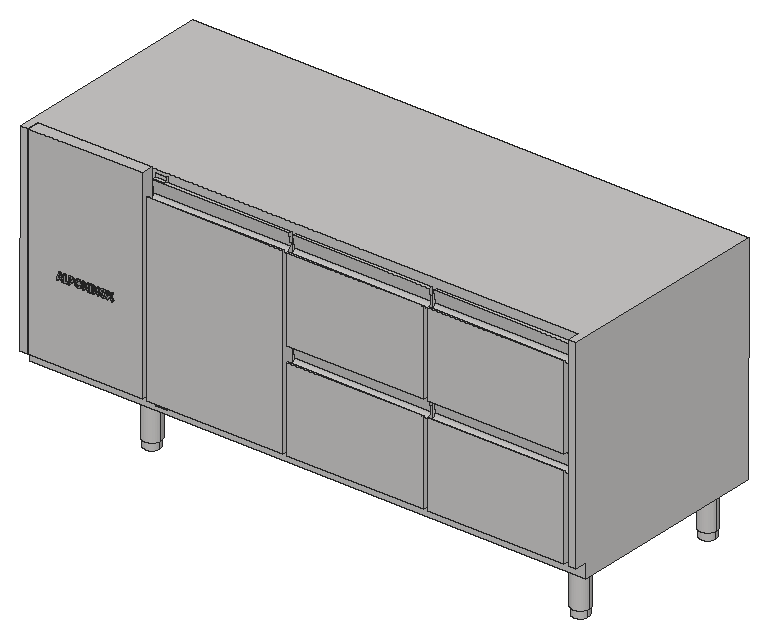
Revit family "QF_ALPENINOX_712043_AH3H7ABB", category Specialty Equipment, Revit 2018 (continued)
Definition of nested family "ALP_Cooling Unit"
  Lines and regions (mm)
    Split face 133
      outline origin (110.032, 2, -125.094) x (0, 0, 1) y (-1, 0, 0)
        loop
          arc (510.649, 158.547) -> (506.648, 162.548) -> (502.647, 158.547) r 4.001
          line (502.647, 158.547) -> (502.647, 116.535)
          arc (502.647, 116.535) -> (506.648, 112.533) -> (510.649, 116.535) r 4.001
          line (510.649, 116.535) -> (510.649, 158.547)
    Split face 134
      outline origin (110.032, 2, -137.098) x (0, 0, 1) y (-1, 0, 0)
        loop
          arc (510.649, 158.547) -> (506.648, 162.548) -> (502.647, 158.547) r 4.001
          line (502.647, 158.547) -> (502.647, 116.535)
          arc (502.647, 116.535) -> (506.648, 112.533) -> (510.649, 116.535) r 4.001
          line (510.649, 116.535) -> (510.649, 158.547)
    Split face 135
      outline origin (110.032, 2, -149.101) x (0, 0, 1) y (-1, 0, 0)
        loop
          arc (510.649, 158.547) -> (506.648, 162.548) -> (502.647, 158.547) r 4.001
          line (502.647, 158.547) -> (502.647, 116.535)
          arc (502.647, 116.535) -> (506.648, 112.533) -> (510.649, 116.535) r 4.001
          line (510.649, 116.535) -> (510.649, 158.547)
    Split face 136
      outline origin (110.032, 2, -161.105) x (0, 0, 1) y (-1, 0, 0)
        loop
          arc (510.649, 158.547) -> (506.648, 162.548) -> (502.647, 158.547) r 4.001
          line (502.647, 158.547) -> (502.647, 116.535)
          arc (502.647, 116.535) -> (506.648, 112.533) -> (510.649, 116.535) r 4.001
          line (510.649, 116.535) -> (510.649, 158.547)
    Split face 137
      outline origin (110.032, 2, -173.108) x (0, 0, 1) y (-1, 0, 0)
        loop
          arc (510.649, 158.547) -> (506.648, 162.548) -> (502.647, 158.547) r 4.001
          line (502.647, 158.547) -> (502.647, 116.535)
          arc (502.647, 116.535) -> (506.648, 112.533) -> (510.649, 116.535) r 4.001
          line (510.649, 116.535) -> (510.649, 158.547)
    Split face 138
      outline origin (110.032, 2, -185.112) x (0, 0, 1) y (-1, 0, 0)
        loop
          arc (510.649, 158.547) -> (506.648, 162.548) -> (502.647, 158.547) r 4.001
          line (502.647, 158.547) -> (502.647, 116.535)
          arc (502.647, 116.535) -> (506.648, 112.533) -> (510.649, 116.535) r 4.001
          line (510.649, 116.535) -> (510.649, 158.547)
    Split face 139
      outline origin (110.032, 2, -197.115) x (0, 0, 1) y (-1, 0, 0)
        loop
          arc (510.649, 158.547) -> (506.648, 162.548) -> (502.647, 158.547) r 4.001
          line (502.647, 158.547) -> (502.647, 116.535)
          arc (502.647, 116.535) -> (506.648, 112.533) -> (510.649, 116.535) r 4.001
          line (510.649, 116.535) -> (510.649, 158.547)
    Split face 140
      outline origin (110.032, 2, -209.119) x (0, 0, 1) y (-1, 0, 0)
        loop
          arc (510.649, 158.547) -> (506.648, 162.548) -> (502.647, 158.547) r 4.001
          line (502.647, 158.547) -> (502.647, 116.535)
          arc (502.647, 116.535) -> (506.648, 112.533) -> (510.649, 116.535) r 4.001
          line (510.649, 116.535) -> (510.649, 158.547)
    Split face 141
      outline origin (110.032, 2, -221.122) x (0, 0, 1) y (-1, 0, 0)
        loop
          arc (510.649, 158.547) -> (506.648, 162.548) -> (502.647, 158.547) r 4.001
          line (502.647, 158.547) -> (502.647, 116.535)
          arc (502.647, 116.535) -> (506.648, 112.533) -> (510.649, 116.535) r 4.001
          line (510.649, 116.535) -> (510.649, 158.547)
    Split face 142
      outline origin (110.032, 2, -233.126) x (0, 0, 1) y (-1, 0, 0)
        loop
          arc (510.649, 158.547) -> (506.648, 162.548) -> (502.647, 158.547) r 4.001
          line (502.647, 158.547) -> (502.647, 116.535)
          arc (502.647, 116.535) -> (506.648, 112.533) -> (510.649, 116.535) r 4.001
          line (510.649, 116.535) -> (510.649, 158.547)
    Split face 143
      outline origin (110.032, 2, -245.129) x (0, 0, 1) y (-1, 0, 0)
        loop
          arc (510.649, 158.547) -> (506.648, 162.548) -> (502.647, 158.547) r 4.001
          line (502.647, 158.547) -> (502.647, 116.535)
          arc (502.647, 116.535) -> (506.648, 112.533) -> (510.649, 116.535) r 4.001
          line (510.649, 116.535) -> (510.649, 158.547)
    Split face 144
      outline origin (110.032, 2, -257.133) x (0, 0, 1) y (-1, 0, 0)
        loop
          arc (510.649, 158.547) -> (506.648, 162.548) -> (502.647, 158.547) r 4.001
          line (502.647, 158.547) -> (502.647, 116.535)
          arc (502.647, 116.535) -> (506.648, 112.533) -> (510.649, 116.535) r 4.001
          line (510.649, 116.535) -> (510.649, 158.547)
    Split face 145
      outline origin (110.032, 2, -269.136) x (0, 0, 1) y (-1, 0, 0)
        loop
          arc (510.649, 158.547) -> (506.648, 162.548) -> (502.647, 158.547) r 4.001
          line (502.647, 158.547) -> (502.647, 116.535)
          arc (502.647, 116.535) -> (506.648, 112.533) -> (510.649, 116.535) r 4.001
          line (510.649, 116.535) -> (510.649, 158.547)
    Split face 146
      outline origin (110.032, 2, -281.14) x (0, 0, 1) y (-1, 0, 0)
        loop
          arc (510.649, 158.547) -> (506.648, 162.548) -> (502.647, 158.547) r 4.001
          line (502.647, 158.547) -> (502.647, 116.535)
          arc (502.647, 116.535) -> (506.648, 112.533) -> (510.649, 116.535) r 4.001
          line (510.649, 116.535) -> (510.649, 158.547)
    Split face 147
      outline origin (110.032, 2, -293.144) x (0, 0, 1) y (-1, 0, 0)
        loop
          arc (510.649, 158.547) -> (506.648, 162.548) -> (502.647, 158.547) r 4.001
          line (502.647, 158.547) -> (502.647, 116.535)
          arc (502.647, 116.535) -> (506.648, 112.533) -> (510.649, 116.535) r 4.001
          line (510.649, 116.535) -> (510.649, 158.547)
    Split face 148
      outline origin (165.048, 2, -113.091) x (0, 0, 1) y (-1, 0, 0)
        loop
          arc (510.649, 158.547) -> (506.648, 162.548) -> (502.647, 158.547) r 4.001
          line (502.647, 158.547) -> (502.647, 116.535)
          arc (502.647, 116.535) -> (506.648, 112.533) -> (510.649, 116.535) r 4.001
          line (510.649, 116.535) -> (510.649, 158.547)
    Split face 149
      outline origin (165.048, 2, -125.094) x (0, 0, 1) y (-1, 0, 0)
        loop
          arc (510.649, 158.547) -> (506.648, 162.548) -> (502.647, 158.547) r 4.001
          line (502.647, 158.547) -> (502.647, 116.535)
          arc (502.647, 116.535) -> (506.648, 112.533) -> (510.649, 116.535) r 4.001
          line (510.649, 116.535) -> (510.649, 158.547)
    Split face 150
      outline origin (165.048, 2, -137.098) x (0, 0, 1) y (-1, 0, 0)
        loop
          arc (510.649, 158.547) -> (506.648, 162.548) -> (502.647, 158.547) r 4.001
          line (502.647, 158.547) -> (502.647, 116.535)
          arc (502.647, 116.535) -> (506.648, 112.533) -> (510.649, 116.535) r 4.001
          line (510.649, 116.535) -> (510.649, 158.547)
    Split face 151
      outline origin (165.048, 2, -149.101) x (0, 0, 1) y (-1, 0, 0)
        loop
          arc (510.649, 158.547) -> (506.648, 162.548) -> (502.647, 158.547) r 4.001
          line (502.647, 158.547) -> (502.647, 116.535)
          arc (502.647, 116.535) -> (506.648, 112.533) -> (510.649, 116.535) r 4.001
          line (510.649, 116.535) -> (510.649, 158.547)
    Split face 152
      outline origin (165.048, 2, -161.105) x (0, 0, 1) y (-1, 0, 0)
        loop
          arc (510.649, 158.547) -> (506.648, 162.548) -> (502.647, 158.547) r 4.001
          line (502.647, 158.547) -> (502.647, 116.535)
          arc (502.647, 116.535) -> (506.648, 112.533) -> (510.649, 116.535) r 4.001
          line (510.649, 116.535) -> (510.649, 158.547)
    Split face 153
      outline origin (165.048, 2, -173.108) x (0, 0, 1) y (-1, 0, 0)
        loop
          arc (510.649, 158.547) -> (506.648, 162.548) -> (502.647, 158.547) r 4.001
          line (502.647, 158.547) -> (502.647, 116.535)
          arc (502.647, 116.535) -> (506.648, 112.533) -> (510.649, 116.535) r 4.001
          line (510.649, 116.535) -> (510.649, 158.547)
    Split face 154
      outline origin (165.048, 2, -185.112) x (0, 0, 1) y (-1, 0, 0)
        loop
          arc (510.649, 158.547) -> (506.648, 162.548) -> (502.647, 158.547) r 4.001
          line (502.647, 158.547) -> (502.647, 116.535)
          arc (502.647, 116.535) -> (506.648, 112.533) -> (510.649, 116.535) r 4.001
          line (510.649, 116.535) -> (510.649, 158.547)
    Split face 155
      outline origin (165.048, 2, -197.115) x (0, 0, 1) y (-1, 0, 0)
        loop
          arc (510.649, 158.547) -> (506.648, 162.548) -> (502.647, 158.547) r 4.001
          line (502.647, 158.547) -> (502.647, 116.535)
          arc (502.647, 116.535) -> (506.648, 112.533) -> (510.649, 116.535) r 4.001
          line (510.649, 116.535) -> (510.649, 158.547)
    Split face 156
      outline origin (165.048, 2, -209.119) x (0, 0, 1) y (-1, 0, 0)
        loop
          arc (510.649, 158.547) -> (506.648, 162.548) -> (502.647, 158.547) r 4.001
          line (502.647, 158.547) -> (502.647, 116.535)
          arc (502.647, 116.535) -> (506.648, 112.533) -> (510.649, 116.535) r 4.001
          line (510.649, 116.535) -> (510.649, 158.547)
    Split face 157
      outline origin (165.048, 2, -221.122) x (0, 0, 1) y (-1, 0, 0)
        loop
          arc (510.649, 158.547) -> (506.648, 162.548) -> (502.647, 158.547) r 4.001
          line (502.647, 158.547) -> (502.647, 116.535)
          arc (502.647, 116.535) -> (506.648, 112.533) -> (510.649, 116.535) r 4.001
          line (510.649, 116.535) -> (510.649, 158.547)
    Split face 158
      outline origin (165.048, 2, -233.126) x (0, 0, 1) y (-1, 0, 0)
        loop
          arc (510.649, 158.547) -> (506.648, 162.548) -> (502.647, 158.547) r 4.001
          line (502.647, 158.547) -> (502.647, 116.535)
          arc (502.647, 116.535) -> (506.648, 112.533) -> (510.649, 116.535) r 4.001
          line (510.649, 116.535) -> (510.649, 158.547)
    Split face 159
      outline origin (165.048, 2, -245.129) x (0, 0, 1) y (-1, 0, 0)
        loop
          arc (510.649, 158.547) -> (506.648, 162.548) -> (502.647, 158.547) r 4.001
          line (502.647, 158.547) -> (502.647, 116.535)
          arc (502.647, 116.535) -> (506.648, 112.533) -> (510.649, 116.535) r 4.001
          line (510.649, 116.535) -> (510.649, 158.547)
    Split face 160
      outline origin (165.048, 2, -257.133) x (0, 0, 1) y (-1, 0, 0)
        loop
          arc (510.649, 158.547) -> (506.648, 162.548) -> (502.647, 158.547) r 4.001
          line (502.647, 158.547) -> (502.647, 116.535)
          arc (502.647, 116.535) -> (506.648, 112.533) -> (510.649, 116.535) r 4.001
          line (510.649, 116.535) -> (510.649, 158.547)
    Split face 161
      outline origin (165.048, 2, -269.136) x (0, 0, 1) y (-1, 0, 0)
        loop
          arc (510.649, 158.547) -> (506.648, 162.548) -> (502.647, 158.547) r 4.001
          line (502.647, 158.547) -> (502.647, 116.535)
          arc (502.647, 116.535) -> (506.648, 112.533) -> (510.649, 116.535) r 4.001
          line (510.649, 116.535) -> (510.649, 158.547)
    Split face 162
      outline origin (165.048, 2, -281.14) x (0, 0, 1) y (-1, 0, 0)
        loop
          arc (510.649, 158.547) -> (506.648, 162.548) -> (502.647, 158.547) r 4.001
          line (502.647, 158.547) -> (502.647, 116.535)
          arc (502.647, 116.535) -> (506.648, 112.533) -> (510.649, 116.535) r 4.001
          line (510.649, 116.535) -> (510.649, 158.547)
    Split face 163
      outline origin (165.048, 2, -293.144) x (0, 0, 1) y (-1, 0, 0)
        loop
          arc (510.649, 158.547) -> (506.648, 162.548) -> (502.647, 158.547) r 4.001
          line (502.647, 158.547) -> (502.647, 116.535)
          arc (502.647, 116.535) -> (506.648, 112.533) -> (510.649, 116.535) r 4.001
          line (510.649, 116.535) -> (510.649, 158.547)
    Split face 164
      outline origin (220.064, 2, -113.091) x (0, 0, 1) y (-1, 0, 0)
        loop
          arc (510.649, 158.547) -> (506.648, 162.548) -> (502.647, 158.547) r 4.001
          line (502.647, 158.547) -> (502.647, 116.535)
          arc (502.647, 116.535) -> (506.648, 112.533) -> (510.649, 116.535) r 4.001
          line (510.649, 116.535) -> (510.649, 158.547)
    Split face 165
      outline origin (220.064, 2, -125.094) x (0, 0, 1) y (-1, 0, 0)
        loop
          arc (510.649, 158.547) -> (506.648, 162.548) -> (502.647, 158.547) r 4.001
          line (502.647, 158.547) -> (502.647, 116.535)
          arc (502.647, 116.535) -> (506.648, 112.533) -> (510.649, 116.535) r 4.001
          line (510.649, 116.535) -> (510.649, 158.547)
    Split face 166
      outline origin (220.064, 2, -137.098) x (0, 0, 1) y (-1, 0, 0)
        loop
          arc (510.649, 158.547) -> (506.648, 162.548) -> (502.647, 158.547) r 4.001
          line (502.647, 158.547) -> (502.647, 116.535)
          arc (502.647, 116.535) -> (506.648, 112.533) -> (510.649, 116.535) r 4.001
          line (510.649, 116.535) -> (510.649, 158.547)
    Split face 167
      outline origin (220.064, 2, -149.101) x (0, 0, 1) y (-1, 0, 0)
        loop
          arc (510.649, 158.547) -> (506.648, 162.548) -> (502.647, 158.547) r 4.001
          line (502.647, 158.547) -> (502.647, 116.535)
          arc (502.647, 116.535) -> (506.648, 112.533) -> (510.649, 116.535) r 4.001
          line (510.649, 116.535) -> (510.649, 158.547)
    Split face 168
      outline origin (220.064, 2, -161.105) x (0, 0, 1) y (-1, 0, 0)
        loop
          arc (510.649, 158.547) -> (506.648, 162.548) -> (502.647, 158.547) r 4.001
          line (502.647, 158.547) -> (502.647, 116.535)
          arc (502.647, 116.535) -> (506.648, 112.533) -> (510.649, 116.535) r 4.001
          line (510.649, 116.535) -> (510.649, 158.547)
    Split face 169
      outline origin (220.064, 2, -173.108) x (0, 0, 1) y (-1, 0, 0)
        loop
          arc (510.649, 158.547) -> (506.648, 162.548) -> (502.647, 158.547) r 4.001
          line (502.647, 158.547) -> (502.647, 116.535)
          arc (502.647, 116.535) -> (506.648, 112.533) -> (510.649, 116.535) r 4.001
          line (510.649, 116.535) -> (510.649, 158.547)
    Split face 170
      outline origin (220.064, 2, -185.112) x (0, 0, 1) y (-1, 0, 0)
        loop
          arc (510.649, 158.547) -> (506.648, 162.548) -> (502.647, 158.547) r 4.001
          line (502.647, 158.547) -> (502.647, 116.535)
          arc (502.647, 116.535) -> (506.648, 112.533) -> (510.649, 116.535) r 4.001
          line (510.649, 116.535) -> (510.649, 158.547)
    Split face 171
      outline origin (220.064, 2, -197.115) x (0, 0, 1) y (-1, 0, 0)
        loop
          arc (510.649, 158.547) -> (506.648, 162.548) -> (502.647, 158.547) r 4.001
          line (502.647, 158.547) -> (502.647, 116.535)
          arc (502.647, 116.535) -> (506.648, 112.533) -> (510.649, 116.535) r 4.001
          line (510.649, 116.535) -> (510.649, 158.547)
    Split face 172
      outline origin (220.064, 2, -209.119) x (0, 0, 1) y (-1, 0, 0)
        loop
          arc (510.649, 158.547) -> (506.648, 162.548) -> (502.647, 158.547) r 4.001
          line (502.647, 158.547) -> (502.647, 116.535)
          arc (502.647, 116.535) -> (506.648, 112.533) -> (510.649, 116.535) r 4.001
          line (510.649, 116.535) -> (510.649, 158.547)
    Split face 173
      outline origin (220.064, 2, -221.122) x (0, 0, 1) y (-1, 0, 0)
        loop
          arc (510.649, 158.547) -> (506.648, 162.548) -> (502.647, 158.547) r 4.001
          line (502.647, 158.547) -> (502.647, 116.535)
          arc (502.647, 116.535) -> (506.648, 112.533) -> (510.649, 116.535) r 4.001
          line (510.649, 116.535) -> (510.649, 158.547)
    Split face 174
      outline origin (220.064, 2, -233.126) x (0, 0, 1) y (-1, 0, 0)
        loop
          arc (510.649, 158.547) -> (506.648, 162.548) -> (502.647, 158.547) r 4.001
          line (502.647, 158.547) -> (502.647, 116.535)
          arc (502.647, 116.535) -> (506.648, 112.533) -> (510.649, 116.535) r 4.001
          line (510.649, 116.535) -> (510.649, 158.547)
    Split face 175
      outline origin (220.064, 2, -245.129) x (0, 0, 1) y (-1, 0, 0)
        loop
          arc (510.649, 158.547) -> (506.648, 162.548) -> (502.647, 158.547) r 4.001
          line (502.647, 158.547) -> (502.647, 116.535)
          arc (502.647, 116.535) -> (506.648, 112.533) -> (510.649, 116.535) r 4.001
          line (510.649, 116.535) -> (510.649, 158.547)
    Split face 176
      outline origin (220.064, 2, -257.133) x (0, 0, 1) y (-1, 0, 0)
        loop
          arc (510.649, 158.547) -> (506.648, 162.548) -> (502.647, 158.547) r 4.001
          line (502.647, 158.547) -> (502.647, 116.535)
          arc (502.647, 116.535) -> (506.648, 112.533) -> (510.649, 116.535) r 4.001
          line (510.649, 116.535) -> (510.649, 158.547)
    Split face 177
      outline origin (220.064, 2, -269.136) x (0, 0, 1) y (-1, 0, 0)
        loop
          arc (510.649, 158.547) -> (506.648, 162.548) -> (502.647, 158.547) r 4.001
          line (502.647, 158.547) -> (502.647, 116.535)
          arc (502.647, 116.535) -> (506.648, 112.533) -> (510.649, 116.535) r 4.001
          line (510.649, 116.535) -> (510.649, 158.547)
    Split face 178
      outline origin (220.064, 2, -281.14) x (0, 0, 1) y (-1, 0, 0)
        loop
          arc (510.649, 158.547) -> (506.648, 162.548) -> (502.647, 158.547) r 4.001
          line (502.647, 158.547) -> (502.647, 116.535)
          arc (502.647, 116.535) -> (506.648, 112.533) -> (510.649, 116.535) r 4.001
          line (510.649, 116.535) -> (510.649, 158.547)
    Split face 179
      outline origin (220.064, 2, -293.144) x (0, 0, 1) y (-1, 0, 0)
        loop
          arc (510.649, 158.547) -> (506.648, 162.548) -> (502.647, 158.547) r 4.001
          line (502.647, 158.547) -> (502.647, 116.535)
          arc (502.647, 116.535) -> (506.648, 112.533) -> (510.649, 116.535) r 4.001
          line (510.649, 116.535) -> (510.649, 158.547)
    Split face 180
      outline origin (275.081, 2, -113.091) x (0, 0, 1) y (-1, 0, 0)
        loop
          arc (510.649, 158.547) -> (506.648, 162.548) -> (502.647, 158.547) r 4.001
          line (502.647, 158.547) -> (502.647, 116.535)
          arc (502.647, 116.535) -> (506.648, 112.533) -> (510.649, 116.535) r 4.001
          line (510.649, 116.535) -> (510.649, 158.547)
    Split face 181
      outline origin (275.081, 2, -125.094) x (0, 0, 1) y (-1, 0, 0)
        loop
          arc (510.649, 158.547) -> (506.648, 162.548) -> (502.647, 158.547) r 4.001
          line (502.647, 158.547) -> (502.647, 116.535)
          arc (502.647, 116.535) -> (506.648, 112.533) -> (510.649, 116.535) r 4.001
          line (510.649, 116.535) -> (510.649, 158.547)
    Split face 182
      outline origin (275.081, 2, -137.098) x (0, 0, 1) y (-1, 0, 0)
        loop
          arc (510.649, 158.547) -> (506.648, 162.548) -> (502.647, 158.547) r 4.001
          line (502.647, 158.547) -> (502.647, 116.535)
          arc (502.647, 116.535) -> (506.648, 112.533) -> (510.649, 116.535) r 4.001
          line (510.649, 116.535) -> (510.649, 158.547)
    Split face 183
      outline origin (275.081, 2, -149.101) x (0, 0, 1) y (-1, 0, 0)
        loop
          arc (510.649, 158.547) -> (506.648, 162.548) -> (502.647, 158.547) r 4.001
          line (502.647, 158.547) -> (502.647, 116.535)
          arc (502.647, 116.535) -> (506.648, 112.533) -> (510.649, 116.535) r 4.001
          line (510.649, 116.535) -> (510.649, 158.547)
    Split face 184
      outline origin (275.081, 2, -161.105) x (0, 0, 1) y (-1, 0, 0)
        loop
          arc (510.649, 158.547) -> (506.648, 162.548) -> (502.647, 158.547) r 4.001
          line (502.647, 158.547) -> (502.647, 116.535)
          arc (502.647, 116.535) -> (506.648, 112.533) -> (510.649, 116.535) r 4.001
          line (510.649, 116.535) -> (510.649, 158.547)
    Split face 185
      outline origin (275.081, 2, -173.108) x (0, 0, 1) y (-1, 0, 0)
        loop
          arc (510.649, 158.547) -> (506.648, 162.548) -> (502.647, 158.547) r 4.001
          line (502.647, 158.547) -> (502.647, 116.535)
          arc (502.647, 116.535) -> (506.648, 112.533) -> (510.649, 116.535) r 4.001
          line (510.649, 116.535) -> (510.649, 158.547)
    Split face 186
      outline origin (275.081, 2, -185.112) x (0, 0, 1) y (-1, 0, 0)
        loop
          arc (510.649, 158.547) -> (506.648, 162.548) -> (502.647, 158.547) r 4.001
          line (502.647, 158.547) -> (502.647, 116.535)
          arc (502.647, 116.535) -> (506.648, 112.533) -> (510.649, 116.535) r 4.001
          line (510.649, 116.535) -> (510.649, 158.547)
    Split face 187
      outline origin (275.081, 2, -197.115) x (0, 0, 1) y (-1, 0, 0)
        loop
          arc (510.649, 158.547) -> (506.648, 162.548) -> (502.647, 158.547) r 4.001
          line (502.647, 158.547) -> (502.647, 116.535)
          arc (502.647, 116.535) -> (506.648, 112.533) -> (510.649, 116.535) r 4.001
          line (510.649, 116.535) -> (510.649, 158.547)
    Split face 188
      outline origin (275.081, 2, -209.119) x (0, 0, 1) y (-1, 0, 0)
        loop
          arc (510.649, 158.547) -> (506.648, 162.548) -> (502.647, 158.547) r 4.001
          line (502.647, 158.547) -> (502.647, 116.535)
          arc (502.647, 116.535) -> (506.648, 112.533) -> (510.649, 116.535) r 4.001
          line (510.649, 116.535) -> (510.649, 158.547)
    Split face 189
      outline origin (275.081, 2, -221.122) x (0, 0, 1) y (-1, 0, 0)
        loop
          arc (510.649, 158.547) -> (506.648, 162.548) -> (502.647, 158.547) r 4.001
          line (502.647, 158.547) -> (502.647, 116.535)
          arc (502.647, 116.535) -> (506.648, 112.533) -> (510.649, 116.535) r 4.001
          line (510.649, 116.535) -> (510.649, 158.547)
    Split face 190
      outline origin (275.081, 2, -233.126) x (0, 0, 1) y (-1, 0, 0)
        loop
          arc (510.649, 158.547) -> (506.648, 162.548) -> (502.647, 158.547) r 4.001
          line (502.647, 158.547) -> (502.647, 116.535)
          arc (502.647, 116.535) -> (506.648, 112.533) -> (510.649, 116.535) r 4.001
          line (510.649, 116.535) -> (510.649, 158.547)
    Split face 191
      outline origin (275.081, 2, -245.129) x (0, 0, 1) y (-1, 0, 0)
        loop
          arc (510.649, 158.547) -> (506.648, 162.548) -> (502.647, 158.547) r 4.001
          line (502.647, 158.547) -> (502.647, 116.535)
          arc (502.647, 116.535) -> (506.648, 112.533) -> (510.649, 116.535) r 4.001
          line (510.649, 116.535) -> (510.649, 158.547)
    Split face 192
      outline origin (275.081, 2, -257.133) x (0, 0, 1) y (-1, 0, 0)
        loop
          arc (510.649, 158.547) -> (506.648, 162.548) -> (502.647, 158.547) r 4.001
          line (502.647, 158.547) -> (502.647, 116.535)
          arc (502.647, 116.535) -> (506.648, 112.533) -> (510.649, 116.535) r 4.001
          line (510.649, 116.535) -> (510.649, 158.547)
    Split face 193
      outline origin (275.081, 2, -269.136) x (0, 0, 1) y (-1, 0, 0)
        loop
          arc (510.649, 158.547) -> (506.648, 162.548) -> (502.647, 158.547) r 4.001
          line (502.647, 158.547) -> (502.647, 116.535)
          arc (502.647, 116.535) -> (506.648, 112.533) -> (510.649, 116.535) r 4.001
          line (510.649, 116.535) -> (510.649, 158.547)
    Split face 194
      outline origin (275.081, 2, -281.14) x (0, 0, 1) y (-1, 0, 0)
        loop
          arc (510.649, 158.547) -> (506.648, 162.548) -> (502.647, 158.547) r 4.001
          line (502.647, 158.547) -> (502.647, 116.535)
          arc (502.647, 116.535) -> (506.648, 112.533) -> (510.649, 116.535) r 4.001
          line (510.649, 116.535) -> (510.649, 158.547)
    Split face 195
      outline origin (275.081, 2, -293.144) x (0, 0, 1) y (-1, 0, 0)
        loop
          arc (510.649, 158.547) -> (506.648, 162.548) -> (502.647, 158.547) r 4.001
          line (502.647, 158.547) -> (502.647, 116.535)
          arc (502.647, 116.535) -> (506.648, 112.533) -> (510.649, 116.535) r 4.001
          line (510.649, 116.535) -> (510.649, 158.547)
  Dimensions and locks
    aligned and locked: level to plane 2
  Nested families
    nested 1: "ALP_Logo_S" at (0, 2, 458.586) x (1, 0, 0) z (0, -1, 0), visible <- "Show Logo", type "ALP_Logo_S"
  Definition of nested family "ALP_Logo_S"
    Parameters
      Default Elevation = 0 mm
    Reference planes
      plane 1 "Centro (Fronte/Retro)": y = 0
      plane 2: z = 0
      plane 3 "Centro (Sinistra/Destra)": x = 0
    Forms (mm)
      Extrusion 1, solid
        sketch origin (0, 0, 0) x (1, 0, 0) y (0, 1, 0)
          loop
            line (-1219.2, 1219.2) -> (-1219.2, -1219.2) -> (1219.2, -1219.2) -> (1219.2, 1219.2) -> (-1219.2, 1219.2)
        from 0 to -304.8
      Extrusion 2, solid
        sketch origin (17.793, -46.218, 0) x (-1, 0, 0) y (0, -1, 0)
          loop
            line (109.007, -37.469) -> (109.244, -36.361)
            spline (109.244, -36.361) -> (109.221, -36.03) -> (109.153, -35.716) -> (109.043, -35.42) -> (108.895, -35.146) -> (108.713, -34.896) -> (108.498, -34.671) -> (108.255, -34.475) -> (107.987, -34.309) -> (107.697, -34.176) -> (107.388, -34.078) -> (107.064, -34.017) -> (106.728, -33.997)
            spline (106.728, -33.997) -> (106.393, -34.012) -> (106.085, -34.057) -> (105.803, -34.129) -> (105.547, -34.228) -> (105.315, -34.352) -> (105.105, -34.499) -> (104.918, -34.668) -> (104.752, -34.858) -> (104.605, -35.066) -> (104.478, -35.291) -> (104.368, -35.532) -> (104.275, -35.787)
            line (104.275, -35.787) -> (103.256, -38.92) -> (93.799, -38.92) -> (92.773, -35.75)
            spline (92.773, -35.75) -> (92.68, -35.504) -> (92.57, -35.27) -> (92.443, -35.05) -> (92.296, -34.847) -> (92.129, -34.661) -> (91.941, -34.495) -> (91.729, -34.35) -> (91.494, -34.227) -> (91.234, -34.129) -> (90.948, -34.056) -> (90.634, -34.012) -> (90.292, -33.997)
            spline (90.292, -33.997) -> (89.98, -34.015) -> (89.679, -34.07) -> (89.392, -34.16) -> (89.122, -34.282) -> (88.871, -34.436) -> (88.644, -34.618) -> (88.442, -34.828) -> (88.271, -35.063) -> (88.132, -35.322) -> (88.028, -35.604) -> (87.964, -35.905) -> (87.942, -36.225)
            line (87.942, -36.225) -> (88.215, -37.469) -> (94.885, -55.826)
            spline (94.885, -55.826) -> (95.044, -56.22) -> (95.23, -56.593) -> (95.444, -56.943) -> (95.685, -57.268) -> (95.953, -57.564) -> (96.246, -57.829) -> (96.565, -58.06) -> (96.909, -58.255) -> (97.278, -58.412) -> (97.672, -58.527) -> (98.088, -58.597) -> (98.529, -58.622)
            spline (98.529, -58.622) -> (98.953, -58.596) -> (99.359, -58.522) -> (99.746, -58.402) -> (100.112, -58.241) -> (100.457, -58.04) -> (100.78, -57.804) -> (101.078, -57.536) -> (101.351, -57.238) -> (101.599, -56.916) -> (101.818, -56.57) -> (102.009, -56.206) -> (102.171, -55.826)
            line (102.171, -55.826) -> (109.007, -37.469)
          loop
            line (101.794, -43.576) -> (95.326, -43.576) -> (98.522, -53.458) -> (101.794, -43.576)
          loop
            spline (85.755, -36.964) -> (85.735, -36.556) -> (85.675, -36.175) -> (85.576, -35.822) -> (85.439, -35.499) -> (85.266, -35.208) -> (85.056, -34.95) -> (84.812, -34.727) -> (84.534, -34.541) -> (84.223, -34.394) -> (83.881, -34.286) -> (83.507, -34.22) -> (83.104, -34.198)
            line (83.104, -34.198) -> (74.598, -34.198)
            spline (74.598, -34.198) -> (74.236, -34.221) -> (73.9, -34.286) -> (73.592, -34.39) -> (73.311, -34.528) -> (73.058, -34.698) -> (72.835, -34.895) -> (72.641, -35.114) -> (72.478, -35.354) -> (72.347, -35.608) -> (72.247, -35.874) -> (72.181, -36.148) -> (72.148, -36.426)
            spline (72.148, -36.426) -> (72.156, -36.715) -> (72.197, -37.004) -> (72.272, -37.289) -> (72.382, -37.565) -> (72.528, -37.827) -> (72.709, -38.07) -> (72.927, -38.288) -> (73.183, -38.478) -> (73.478, -38.635) -> (73.811, -38.752) -> (74.184, -38.827) -> (74.598, -38.852)
            line (74.598, -38.852) -> (80.653, -38.852) -> (80.653, -55.789)
            spline (80.653, -55.789) -> (80.675, -56.195) -> (80.741, -56.569) -> (80.846, -56.912) -> (80.99, -57.221) -> (81.169, -57.497) -> (81.381, -57.738) -> (81.624, -57.944) -> (81.894, -58.114) -> (82.191, -58.247) -> (82.51, -58.343) -> (82.85, -58.402) -> (83.208, -58.421)
            spline (83.208, -58.421) -> (83.565, -58.402) -> (83.904, -58.343) -> (84.222, -58.247) -> (84.517, -58.114) -> (84.787, -57.944) -> (85.029, -57.738) -> (85.241, -57.497) -> (85.419, -57.221) -> (85.563, -56.912) -> (85.668, -56.569) -> (85.733, -56.195) -> (85.755, -55.789)
            line (85.755, -55.789) -> (85.755, -36.964)
          loop
            spline (69.963, -36.629) -> (69.941, -36.222) -> (69.876, -35.847) -> (69.77, -35.505) -> (69.627, -35.196) -> (69.448, -34.921) -> (69.236, -34.68) -> (68.993, -34.474) -> (68.723, -34.305) -> (68.427, -34.171) -> (68.108, -34.075) -> (67.769, -34.017) -> (67.412, -33.998)
            spline (67.412, -33.998) -> (67.055, -34.017) -> (66.716, -34.075) -> (66.397, -34.171) -> (66.101, -34.305) -> (65.832, -34.474) -> (65.59, -34.68) -> (65.378, -34.921) -> (65.2, -35.196) -> (65.057, -35.505) -> (64.951, -35.847) -> (64.886, -36.222) -> (64.864, -36.629)
            line (64.864, -36.629) -> (64.864, -42.161) -> (61.085, -42.161)
            spline (61.085, -42.161) -> (59.938, -42.224) -> (58.836, -42.411) -> (57.789, -42.717) -> (56.807, -43.139) -> (55.902, -43.671) -> (55.083, -44.311) -> (54.361, -45.053) -> (53.747, -45.894) -> (53.251, -46.829) -> (52.884, -47.854) -> (52.656, -48.965) -> (52.577, -50.158)
            spline (52.577, -50.158) -> (52.653, -51.33) -> (52.875, -52.429) -> (53.235, -53.452) -> (53.724, -54.391) -> (54.334, -55.241) -> (55.057, -55.997) -> (55.884, -56.652) -> (56.807, -57.201) -> (57.817, -57.638) -> (58.906, -57.957) -> (60.067, -58.153) -> (61.289, -58.22)
            line (61.289, -58.22) -> (67.306, -58.22)
            spline (67.306, -58.22) -> (67.716, -58.198) -> (68.095, -58.135) -> (68.44, -58.031) -> (68.752, -57.889) -> (69.031, -57.711) -> (69.274, -57.498) -> (69.482, -57.251) -> (69.653, -56.974) -> (69.788, -56.667) -> (69.885, -56.332) -> (69.944, -55.972) -> (69.963, -55.587)
            line (69.963, -55.587) -> (69.963, -36.629)
          loop
            line (64.864, -53.764) -> (64.864, -46.61) -> (61.384, -46.61)
            spline (61.384, -46.61) -> (60.866, -46.642) -> (60.382, -46.735) -> (59.935, -46.885) -> (59.526, -47.089) -> (59.158, -47.342) -> (58.832, -47.641) -> (58.551, -47.983) -> (58.317, -48.362) -> (58.131, -48.777) -> (57.995, -49.222) -> (57.913, -49.694) -> (57.885, -50.189)
            spline (57.885, -50.189) -> (57.913, -50.684) -> (57.995, -51.156) -> (58.131, -51.601) -> (58.317, -52.015) -> (58.551, -52.394) -> (58.832, -52.735) -> (59.158, -53.034) -> (59.526, -53.287) -> (59.935, -53.49) -> (60.382, -53.64) -> (60.866, -53.733) -> (61.384, -53.764)
            line (61.384, -53.764) -> (64.864, -53.764)
          loop
            spline (32.388, -43.737) -> (31.645, -43.763) -> (30.977, -43.84) -> (30.381, -43.966) -> (29.857, -44.139) -> (29.401, -44.355) -> (29.012, -44.613) -> (28.688, -44.91) -> (28.428, -45.245) -> (28.228, -45.614) -> (28.088, -46.015) -> (28.006, -46.447) -> (27.979, -46.906)
            spline (27.979, -46.906) -> (28.073, -48.241) -> (28.349, -49.591) -> (28.801, -50.931) -> (29.42, -52.236) -> (30.198, -53.481) -> (31.128, -54.642) -> (32.202, -55.693) -> (33.412, -56.608) -> (34.751, -57.364) -> (36.211, -57.935) -> (37.784, -58.296) -> (39.462, -58.422)
            spline (39.462, -58.422) -> (41.103, -58.303) -> (42.649, -57.959) -> (44.091, -57.408) -> (45.422, -56.668) -> (46.63, -55.759) -> (47.707, -54.697) -> (48.644, -53.501) -> (49.431, -52.19) -> (50.059, -50.782) -> (50.52, -49.295) -> (50.803, -47.748) -> (50.899, -46.159)
            spline (50.899, -46.159) -> (50.801, -44.451) -> (50.511, -42.83) -> (50.039, -41.308) -> (49.392, -39.896) -> (48.579, -38.607) -> (47.608, -37.451) -> (46.488, -36.441) -> (45.226, -35.588) -> (43.831, -34.905) -> (42.311, -34.402) -> (40.675, -34.091) -> (38.93, -33.985)
            spline (38.93, -33.985) -> (37.728, -34.039) -> (36.511, -34.193) -> (35.301, -34.44) -> (34.12, -34.77) -> (32.993, -35.175) -> (31.942, -35.645) -> (30.99, -36.172) -> (30.16, -36.746) -> (29.474, -37.36) -> (28.956, -38.004) -> (28.628, -38.669) -> (28.514, -39.347)
            spline (28.514, -39.347) -> (28.53, -39.685) -> (28.577, -40.017) -> (28.656, -40.338) -> (28.765, -40.643) -> (28.905, -40.928) -> (29.073, -41.19) -> (29.27, -41.423) -> (29.495, -41.623) -> (29.748, -41.787) -> (30.028, -41.91) -> (30.333, -41.987) -> (30.665, -42.014)
            spline (30.665, -42.014) -> (31.199, -41.95) -> (31.712, -41.768) -> (32.22, -41.491) -> (32.738, -41.145) -> (33.281, -40.752) -> (33.868, -40.337) -> (34.512, -39.924) -> (35.23, -39.537) -> (36.038, -39.199) -> (36.952, -38.934) -> (37.987, -38.768) -> (39.161, -38.722)
            spline (39.161, -38.722) -> (39.894, -38.774) -> (40.606, -38.897) -> (41.291, -39.091) -> (41.943, -39.354) -> (42.554, -39.684) -> (43.119, -40.08) -> (43.632, -40.54) -> (44.086, -41.061) -> (44.475, -41.643) -> (44.792, -42.285) -> (45.032, -42.983) -> (45.188, -43.737)
            line (45.188, -43.737) -> (32.388, -43.737)
          loop
            line (45.321, -48.475) -> (33.559, -48.475)
            spline (33.559, -48.475) -> (33.693, -49.163) -> (33.914, -49.841) -> (34.214, -50.497) -> (34.588, -51.123) -> (35.029, -51.71) -> (35.531, -52.248) -> (36.087, -52.729) -> (36.691, -53.143) -> (37.337, -53.481) -> (38.018, -53.734) -> (38.729, -53.893) -> (39.462, -53.948)
            spline (39.462, -53.948) -> (40.168, -53.891) -> (40.86, -53.728) -> (41.531, -53.468) -> (42.173, -53.123) -> (42.779, -52.701) -> (43.339, -52.214) -> (43.847, -51.671) -> (44.295, -51.082) -> (44.674, -50.458) -> (44.976, -49.809) -> (45.195, -49.144) -> (45.321, -48.475)
          loop
            spline (25.297, -36.629) -> (25.275, -36.222) -> (25.209, -35.847) -> (25.103, -35.505) -> (24.958, -35.196) -> (24.779, -34.92) -> (24.566, -34.679) -> (24.323, -34.474) -> (24.052, -34.304) -> (23.755, -34.17) -> (23.436, -34.074) -> (23.096, -34.016) -> (22.739, -33.997)
            spline (22.739, -33.997) -> (22.382, -34.016) -> (22.043, -34.074) -> (21.724, -34.17) -> (21.429, -34.304) -> (21.158, -34.474) -> (20.916, -34.679) -> (20.704, -34.92) -> (20.525, -35.196) -> (20.382, -35.505) -> (20.276, -35.847) -> (20.211, -36.222) -> (20.189, -36.629)
            line (20.189, -36.629) -> (20.189, -49.304) -> (9.333, -35.11) -> (7.187, -33.997)
            spline (7.187, -33.997) -> (6.83, -34.016) -> (6.49, -34.074) -> (6.172, -34.17) -> (5.876, -34.304) -> (5.606, -34.474) -> (5.363, -34.679) -> (5.151, -34.92) -> (4.972, -35.196) -> (4.829, -35.505) -> (4.723, -35.847) -> (4.658, -36.222) -> (4.636, -36.629)
            line (4.636, -36.629) -> (4.636, -55.789)
            spline (4.636, -55.789) -> (4.658, -56.195) -> (4.723, -56.569) -> (4.829, -56.912) -> (4.972, -57.221) -> (5.151, -57.497) -> (5.363, -57.738) -> (5.606, -57.944) -> (5.876, -58.114) -> (6.172, -58.247) -> (6.49, -58.343) -> (6.83, -58.402) -> (7.187, -58.421)
            spline (7.187, -58.421) -> (7.545, -58.402) -> (7.885, -58.343) -> (8.204, -58.247) -> (8.5, -58.114) -> (8.771, -57.944) -> (9.014, -57.738) -> (9.226, -57.497) -> (9.405, -57.221) -> (9.549, -56.912) -> (9.654, -56.569) -> (9.719, -56.195) -> (9.742, -55.789)
            line (9.742, -55.789) -> (9.742, -42.947) -> (20.597, -57.305) -> (22.739, -58.421)
            spline (22.739, -58.421) -> (23.096, -58.402) -> (23.436, -58.343) -> (23.755, -58.247) -> (24.052, -58.114) -> (24.323, -57.944) -> (24.566, -57.738) -> (24.779, -57.497) -> (24.958, -57.221) -> (25.103, -56.912) -> (25.209, -56.569) -> (25.275, -56.195) -> (25.297, -55.789)
            line (25.297, -55.789) -> (25.297, -36.629)
          loop
            spline (1.445, -36.629) -> (1.422, -36.222) -> (1.357, -35.847) -> (1.252, -35.505) -> (1.108, -35.196) -> (0.929, -34.92) -> (0.717, -34.679) -> (0.475, -34.474) -> (0.204, -34.304) -> (-0.092, -34.17) -> (-0.411, -34.074) -> (-0.751, -34.016) -> (-1.109, -33.997)
            spline (-1.109, -33.997) -> (-1.467, -34.016) -> (-1.807, -34.074) -> (-2.125, -34.17) -> (-2.421, -34.304) -> (-2.691, -34.474) -> (-2.933, -34.679) -> (-3.145, -34.92) -> (-3.324, -35.196) -> (-3.467, -35.505) -> (-3.572, -35.847) -> (-3.637, -36.222) -> (-3.659, -36.629)
            line (-3.659, -36.629) -> (-3.659, -55.789)
            spline (-3.659, -55.789) -> (-3.637, -56.195) -> (-3.572, -56.569) -> (-3.467, -56.912) -> (-3.324, -57.221) -> (-3.145, -57.497) -> (-2.933, -57.738) -> (-2.691, -57.944) -> (-2.421, -58.114) -> (-2.125, -58.247) -> (-1.807, -58.343) -> (-1.467, -58.402) -> (-1.109, -58.421)
            spline (-1.109, -58.421) -> (-0.751, -58.402) -> (-0.411, -58.343) -> (-0.092, -58.247) -> (0.204, -58.114) -> (0.475, -57.944) -> (0.717, -57.738) -> (0.929, -57.497) -> (1.108, -57.221) -> (1.252, -56.912) -> (1.357, -56.569) -> (1.422, -56.195) -> (1.445, -55.789)
            line (1.445, -55.789) -> (1.445, -36.629)
          loop
            spline (-6.852, -36.629) -> (-6.875, -36.222) -> (-6.94, -35.847) -> (-7.045, -35.505) -> (-7.189, -35.196) -> (-7.368, -34.92) -> (-7.58, -34.679) -> (-7.822, -34.474) -> (-8.092, -34.304) -> (-8.388, -34.17) -> (-8.706, -34.074) -> (-9.046, -34.016) -> (-9.403, -33.997)
            spline (-9.403, -33.997) -> (-9.76, -34.016) -> (-10.1, -34.074) -> (-10.42, -34.17) -> (-10.716, -34.304) -> (-10.987, -34.474) -> (-11.23, -34.679) -> (-11.442, -34.92) -> (-11.621, -35.196) -> (-11.765, -35.505) -> (-11.871, -35.847) -> (-11.936, -36.222) -> (-11.958, -36.629)
            line (-11.958, -36.629) -> (-11.958, -49.304) -> (-22.814, -35.11) -> (-24.958, -33.997)
            spline (-24.958, -33.997) -> (-25.315, -34.016) -> (-25.655, -34.074) -> (-25.974, -34.17) -> (-26.27, -34.304) -> (-26.541, -34.474) -> (-26.784, -34.679) -> (-26.996, -34.92) -> (-27.175, -35.196) -> (-27.319, -35.505) -> (-27.424, -35.847) -> (-27.49, -36.222) -> (-27.512, -36.629)
            line (-27.512, -36.629) -> (-27.512, -55.789)
            spline (-27.512, -55.789) -> (-27.49, -56.195) -> (-27.424, -56.569) -> (-27.319, -56.912) -> (-27.175, -57.221) -> (-26.996, -57.497) -> (-26.784, -57.738) -> (-26.541, -57.944) -> (-26.27, -58.114) -> (-25.974, -58.247) -> (-25.655, -58.343) -> (-25.315, -58.402) -> (-24.958, -58.421)
            spline (-24.958, -58.421) -> (-24.6, -58.402) -> (-24.26, -58.343) -> (-23.941, -58.247) -> (-23.646, -58.114) -> (-23.375, -57.944) -> (-23.133, -57.738) -> (-22.921, -57.497) -> (-22.743, -57.221) -> (-22.599, -56.912) -> (-22.494, -56.569) -> (-22.429, -56.195) -> (-22.407, -55.789)
            line (-22.407, -55.789) -> (-22.407, -42.949) -> (-11.549, -57.305) -> (-9.403, -58.421)
            spline (-9.403, -58.421) -> (-9.046, -58.402) -> (-8.706, -58.343) -> (-8.388, -58.247) -> (-8.092, -58.114) -> (-7.822, -57.944) -> (-7.58, -57.738) -> (-7.368, -57.497) -> (-7.189, -57.221) -> (-7.045, -56.912) -> (-6.94, -56.569) -> (-6.875, -56.195) -> (-6.852, -55.789)
            line (-6.852, -55.789) -> (-6.852, -36.629)
          loop
            spline (-41.905, -33.794) -> (-43.601, -33.905) -> (-45.194, -34.229) -> (-46.677, -34.752) -> (-48.04, -35.461) -> (-49.275, -36.342) -> (-50.373, -37.383) -> (-51.326, -38.569) -> (-52.125, -39.887) -> (-52.761, -41.323) -> (-53.226, -42.864) -> (-53.512, -44.497) -> (-53.609, -46.208)
            spline (-53.609, -46.208) -> (-53.509, -47.892) -> (-53.217, -49.507) -> (-52.742, -51.038) -> (-52.094, -52.472) -> (-51.284, -53.792) -> (-50.321, -54.984) -> (-49.216, -56.034) -> (-47.978, -56.926) -> (-46.618, -57.646) -> (-45.146, -58.178) -> (-43.572, -58.509) -> (-41.905, -58.622)
            spline (-41.905, -58.622) -> (-40.216, -58.512) -> (-38.628, -58.19) -> (-37.148, -57.669) -> (-35.785, -56.962) -> (-34.549, -56.084) -> (-33.449, -55.046) -> (-32.493, -53.861) -> (-31.691, -52.544) -> (-31.051, -51.107) -> (-30.583, -49.563) -> (-30.296, -47.926) -> (-30.198, -46.208)
            spline (-30.198, -46.208) -> (-30.296, -44.497) -> (-30.585, -42.864) -> (-31.055, -41.323) -> (-31.697, -39.887) -> (-32.502, -38.569) -> (-33.46, -37.383) -> (-34.562, -36.342) -> (-35.798, -35.461) -> (-37.16, -34.752) -> (-38.638, -34.229) -> (-40.223, -33.905) -> (-41.905, -33.794)
          loop
            spline (-41.905, -38.45) -> (-42.938, -38.524) -> (-43.878, -38.739) -> (-44.726, -39.084) -> (-45.482, -39.548) -> (-46.147, -40.119) -> (-46.722, -40.787) -> (-47.206, -41.541) -> (-47.601, -42.37) -> (-47.907, -43.262) -> (-48.125, -44.206) -> (-48.256, -45.192) -> (-48.299, -46.208)
            spline (-48.299, -46.208) -> (-48.255, -47.219) -> (-48.121, -48.201) -> (-47.898, -49.143) -> (-47.586, -50.035) -> (-47.186, -50.863) -> (-46.697, -51.619) -> (-46.119, -52.289) -> (-45.453, -52.862) -> (-44.698, -53.328) -> (-43.855, -53.675) -> (-42.924, -53.891) -> (-41.905, -53.966)
            spline (-41.905, -53.966) -> (-40.885, -53.891) -> (-39.953, -53.675) -> (-39.109, -53.328) -> (-38.354, -52.862) -> (-37.688, -52.289) -> (-37.11, -51.619) -> (-36.62, -50.863) -> (-36.22, -50.035) -> (-35.908, -49.143) -> (-35.685, -48.201) -> (-35.551, -47.219) -> (-35.507, -46.208)
            spline (-35.507, -46.208) -> (-35.55, -45.192) -> (-35.68, -44.206) -> (-35.898, -43.262) -> (-36.204, -42.37) -> (-36.599, -41.541) -> (-37.084, -40.787) -> (-37.659, -40.119) -> (-38.324, -39.548) -> (-39.081, -39.084) -> (-39.929, -38.739) -> (-40.87, -38.524) -> (-41.905, -38.45)
          loop
            line (-53.681, -38.08) -> (-53.106, -36.361)
            spline (-53.106, -36.361) -> (-53.128, -36.016) -> (-53.193, -35.692) -> (-53.299, -35.392) -> (-53.443, -35.116) -> (-53.623, -34.867) -> (-53.837, -34.646) -> (-54.082, -34.454) -> (-54.355, -34.294) -> (-54.656, -34.166) -> (-54.98, -34.073) -> (-55.327, -34.016) -> (-55.693, -33.997)
            spline (-55.693, -33.997) -> (-55.917, -34.005) -> (-56.131, -34.03) -> (-56.336, -34.071) -> (-56.532, -34.129) -> (-56.72, -34.201) -> (-56.899, -34.289) -> (-57.069, -34.391) -> (-57.231, -34.508) -> (-57.386, -34.639) -> (-57.532, -34.783) -> (-57.67, -34.94) -> (-57.8, -35.11)
            line (-57.8, -35.11) -> (-63.381, -42.802) -> (-68.963, -35.11)
            spline (-68.963, -35.11) -> (-69.095, -34.94) -> (-69.233, -34.783) -> (-69.379, -34.639) -> (-69.533, -34.508) -> (-69.695, -34.391) -> (-69.866, -34.289) -> (-70.044, -34.201) -> (-70.232, -34.129) -> (-70.429, -34.071) -> (-70.634, -34.03) -> (-70.85, -34.005) -> (-71.075, -33.997)
            spline (-71.075, -33.997) -> (-71.44, -34.016) -> (-71.785, -34.073) -> (-72.109, -34.166) -> (-72.409, -34.294) -> (-72.682, -34.454) -> (-72.927, -34.646) -> (-73.141, -34.867) -> (-73.321, -35.116) -> (-73.466, -35.392) -> (-73.572, -35.692) -> (-73.637, -36.016) -> (-73.659, -36.361)
            line (-73.659, -36.361) -> (-73.081, -38.08) -> (-66.345, -47.048) -> (-71.856, -54.473) -> (-72.401, -55.959)
            spline (-72.401, -55.959) -> (-72.378, -56.319) -> (-72.311, -56.656) -> (-72.203, -56.969) -> (-72.055, -57.256) -> (-71.872, -57.516) -> (-71.656, -57.746) -> (-71.409, -57.945) -> (-71.134, -58.112) -> (-70.834, -58.245) -> (-70.512, -58.342) -> (-70.171, -58.402) -> (-69.812, -58.422)
            spline (-69.812, -58.422) -> (-69.6, -58.41) -> (-69.387, -58.376) -> (-69.176, -58.322) -> (-68.968, -58.248) -> (-68.765, -58.157) -> (-68.568, -58.05) -> (-68.379, -57.93) -> (-68.199, -57.796) -> (-68.03, -57.652) -> (-67.873, -57.499) -> (-67.731, -57.339) -> (-67.603, -57.172)
            line (-67.603, -57.172) -> (-63.381, -51.236) -> (-59.162, -57.172)
            spline (-59.162, -57.172) -> (-59.034, -57.339) -> (-58.892, -57.499) -> (-58.735, -57.652) -> (-58.566, -57.796) -> (-58.386, -57.93) -> (-58.197, -58.05) -> (-58, -58.157) -> (-57.796, -58.248) -> (-57.588, -58.322) -> (-57.377, -58.376) -> (-57.165, -58.41) -> (-56.952, -58.422)
            spline (-56.952, -58.422) -> (-56.594, -58.402) -> (-56.253, -58.342) -> (-55.931, -58.245) -> (-55.632, -58.112) -> (-55.358, -57.945) -> (-55.111, -57.746) -> (-54.895, -57.516) -> (-54.712, -57.256) -> (-54.564, -56.969) -> (-54.456, -56.656) -> (-54.389, -56.319) -> (-54.366, -55.959)
            line (-54.366, -55.959) -> (-54.909, -54.473) -> (-60.423, -47.048) -> (-53.681, -38.08)
        from 0 to 1.644
    Dimensions and locks
      aligned and locked: plane 2 to Extrusion 1
      aligned and locked: level to Extrusion 1
Definition of nested family "Door"
  Parameters
    Show Clearance [instance] = yes
  Reference planes
    plane 1 "FRONT": y = -3
    plane 2: z = 0
    plane 3 "Centro (Sinistra/Destra)": x = 0
    plane 4: z = 150
    plane 5: z = 850
    plane 6: x = -234
    plane 7: x = 234
    plane 8: x = -220
    plane 9: x = 220
  Forms (mm)
    Extrusion 1, solid
      sketch origin (0, 53, 511) x (0, 0, 1) y (0, -1, 0)
        loop
          line (-323.003, 28.5) -> (-316.501, 28.5) -> (-316.501, 31) -> (-325.503, 31) -> (-325.503, 13.5) -> (-345.503, 13.5) -> (-345.503, 11) -> (-323.003, 11) -> (-323.003, 23.259) -> (-323.003, 28.5)
        loop
          line (-314, 27) -> (-316.501, 27) -> (-316.501, 18.501) -> (-319.752, 18.501) -> (-319.752, 16) -> (-314, 16) -> (-314, 27)
        loop
          line (315.003, 27) -> (315.003, 13.948) -> (315.003, 11) -> (327.503, 11) -> (327.503, 13.5) -> (317.503, 13.5) -> (317.503, 27) -> (315.003, 27)
      from 185 to 220
    Extrusion 2, solid, visible <- "Show Clearance", detail levels coarse
      sketch origin (0, 53, 511) x (0, -1, 0) y (1, 0, 0)
        loop
          line (51, 220) -> (51, -220)
          arc (51, -220) -> (339.234, -79.44) -> (454, 220) r 437.168
          line (454, 220) -> (51, 220)
      from -314 to 314
    Extrusion 3, solid
      sketch origin (0, 55, 511) x (0, 0, 1) y (0, -1, 0)
        loop
          line (314, 18) -> (314, 29) -> (274.395, 22.5)
          arc (274.395, 22.5) -> (260.395, 36.5) -> (274.395, 50.5) r 14
          line (274.395, 50.5) -> (274.395, 53) -> (-314, 53) -> (-314, 18) -> (314, 18)
      from -220 to 220
  Lines and regions (mm)
    symbolic lines
      curve 1: line (220, -3, 0) -> (220, -401, 0)
      curve 2: line (220, -401, 0) -> (185, -401, 0)
      curve 3: line (185, -401, 0) -> (185, -3, 0)
      curve 4: arc (-219.722, -3, 0) -> (-89.51, -275.368, 0) -> (185, -401, 0) r 442.855
  Dimensions and locks
    aligned and locked: level to plane 2
Definition of nested family "Refrigerator"
  Reference planes
    plane 1 "Center (Front/Back)": y = 0
    plane 2: z = 0
    plane 3 "Center (Left/Right)": x = 0
  Lines and regions (mm)
    detail lines, in view "Ref. Level"
      curve 1: spline (-500, 190, 0) -> (-493.185, 166.706, 0) -> (-473.205, 145, 0) -> (-441.421, 126.36, 0) -> (-400, 112.058, 0) -> (-351.764, 103.067, 0) -> (-300, 100, 0) -> (-248.236, 103.067, 0) -> (-200, 112.058, 0) -> (-158.579, 126.36, 0) -> (-126.795, 145, 0) -> (-106.815, 166.706, 0) -> (-100, 190, 0) -> (-106.815, 213.294, 0) -> (-126.795, 235, 0) -> (-158.579, 253.64, 0) -> (-200, 267.942, 0) -> (-248.236, 276.933, 0) -> (-300, 280, 0) -> (-351.764, 276.933, 0) -> (-400, 267.942, 0) -> (-441.421, 253.64, 0) -> (-473.205, 235, 0) -> (-493.185, 213.294, 0) -> (-500, 190, 0)
      curve 2: line (-300, 130, 0) -> (-300, 250, 0)
      curve 3: line (-351.962, 220, 0) -> (-248.038, 160, 0)
      curve 4: line (-351.962, 160, 0) -> (-248.038, 220, 0)
      curve 5: line (-280.884, 246.873, 0) -> (-300, 225, 0)
      curve 6: line (-300, 225, 0) -> (-319.116, 246.873, 0)
      curve 7: line (-330.311, 207.5, 0) -> (-339.696, 234.992, 0)
      curve 8: line (-358.812, 201.882, 0) -> (-330.311, 207.5, 0)
      curve 9: line (-330.311, 172.5, 0) -> (-358.812, 178.118, 0)
      curve 10: line (-339.696, 145.008, 0) -> (-330.311, 172.5, 0)
      curve 11: line (-300, 155, 0) -> (-319.116, 133.127, 0)
      curve 12: line (-280.884, 133.127, 0) -> (-300, 155, 0)
      curve 13: line (-269.689, 172.5, 0) -> (-260.304, 145.008, 0)
      curve 14: line (-241.188, 178.118, 0) -> (-269.689, 172.5, 0)
      curve 15: line (-269.689, 207.5, 0) -> (-241.188, 201.882, 0)
      curve 16: line (-260.304, 234.992, 0) -> (-269.689, 207.5, 0)
